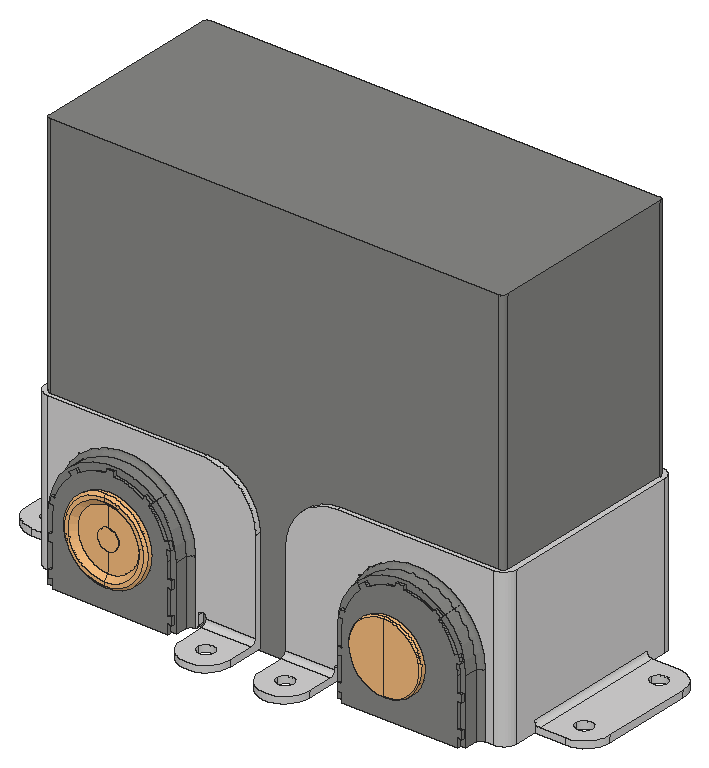
Revit family "Valve-One_Outlet_Thermostatic-KOHLER-K-26339T", category Plumbing Fixtures, host Face, Revit 2017 (continued)
Definition of nested family "K-26339T"
  Automatic sketch dimensions
    curve 144 to curve 145 = 0.11811"
    curve 109 to curve 110 = 0.11811"
    plane 11 to curve 30 = 0.61024"
    curve 131 to curve 94 = 0.32718"
    curve 118 to curve 118 = 0.04664"
    curve 128 to curve 126 = 0.04664"
    curve 72 to curve 71 = 0.04664"
    curve 60 to curve 62 = 0.04664"
    curve 125 to curve 124 = 0.05918"
    curve 68 to curve 67 = 0.05918"
    curve 93 to curve 206 = 0.84371"
    curve 205 to curve 207 = 0.38428"
    curve 206 to curve 201 = 0.47517"
    curve 207 to curve 202 = 0.47517"
    curve 202 to curve 202 = 1.1811"
    curve 201 to curve 203 = 1.1811"
    curve 158 to plane 8 = 0.37402"
    plane 4 to curve 158 = 0.94488"
    level to curve 38 = 0.01969"
    curve 38 to curve 81 = 0.32315"
    plane 3 "Center (Left/Right)" to curve 205 = 0.00149"
    plane 5 to curve 158 = 0.94488"
    level to curve 103 = 0.01969"
    curve 138 to curve 103 = 0.32315"
    curve 101 to curve 96 = 0.09839"
    curve 30 to curve 36 = 0.09843"
    level to curve 157 = 0.33465"
    level to curve 43 = 0.34445"
    curve 150 to curve 151 = 0.01969"
    curve 42 to curve 44 = 0.03942"
    curve 41 to curve 40 = 0.05704"
    curve 151 to curve 155 = 0.11308"
    curve 40 to curve 46 = 0.07881"
    curve 152 to curve 154 = 0.05913"
    Extrusion 1 sketch curve to plane 19 = 0.15748"  (x2)
    plane 4 to Extrusion 1 sketch curve = 0.94488"
    Extrusion 1 sketch curve to plane 19 = 0.07874"
    Extrusion 1 sketch curve to Extrusion 1 sketch curve = 0.07874"  (x2)
    plane 5 to Extrusion 1 sketch curve = 1.02362"
    plane 20 to Extrusion 1 sketch curve = 0.07874"
    plane 4 to Extrusion 2 sketch curve = 0.84646"
    level to Extrusion 2 sketch curve = 0.01969"  (x4)
    Extrusion 2 sketch curve to plane 17 = 0.54331"
    Extrusion 2 sketch curve to Extrusion 2 sketch curve = 0.05118"  (x2)
    Extrusion 2 sketch curve to Extrusion 2 sketch curve = 0.05906"  (x2)
    Extrusion 2 sketch curve to plane 17 = 0.41339"
    Extrusion 2 sketch curve to plane 3 "Center (Left/Right)" = 0.22638"
    plane 3 "Center (Left/Right)" to Extrusion 2 sketch curve = 0.22638"
    Extrusion 2 sketch curve to plane 18 = 0.37402"
    Extrusion 2 sketch curve to plane 18 = 0.41339"
    plane 5 to Extrusion 2 sketch curve = 0.84646"
    Extrusion 2 sketch curve to Extrusion 2 sketch curve = 0.14564"  (x2)
    plane 11 to Extrusion 2 sketch curve = 0.61024"
    Extrusion 2 sketch curve to Extrusion 2 sketch curve = 0"
    Sweep 3 sketch curve to profile plane = 0"  (x2)
    Sweep 3 sketch curve to profile plane = 0.19685"
    Sweep 4 sketch curve to profile plane = 0"  (x2)
    Sweep 4 sketch curve to profile plane = 0.19685"
    profile plane to Sweep 5 sketch curve = 0"
    Sweep 5 sketch curve to profile plane = 0"
    Sweep 5 sketch curve to profile plane = 0.19685"
    profile plane to Sweep 6 sketch curve = 0"
    Sweep 6 sketch curve to profile plane = 0"
    Sweep 6 sketch curve to profile plane = 0.19685"
    Extrusion 7 sketch curve to Extrusion 7 sketch curve = 0"  (x12)
    Extrusion 7 sketch curve to plane 4 = 0"
    Extrusion 7 sketch curve to plane 15 = 0"  (x2)
    plane 16 to Extrusion 7 sketch curve = 0"  (x2)
    Extrusion 7 sketch curve to plane 19 = 0"  (x2)
    Extrusion 7 sketch curve to plane 20 = 0"  (x2)
    Extrusion 7 sketch curve to plane 17 = 0"  (x2)
    Extrusion 7 sketch curve to plane 18 = 0"  (x2)
    Extrusion 7 sketch curve to plane 5 = 0"
    plane 4 to Extrusion 7 sketch curve = 0.37402"  (x2)
    Extrusion 7 sketch curve to Extrusion 7 sketch curve = 0.47244"
    Extrusion 7 sketch curve to plane 17 = 0.37401"  (x2)
    plane 3 "Center (Left/Right)" to Extrusion 7 sketch curve = 0.22639"  (x2)
    plane 15 to Extrusion 7 sketch curve = 0.35433"
    plane 5 to Extrusion 7 sketch curve = 0.84646"
    plane 5 to Extrusion 7 sketch curve = 0.37402"  (x2)
    plane 14 to Extrusion 7 sketch curve = 0.07874"  (x2)
    plane 16 to Extrusion 7 sketch curve = 0.35433"
    Extrusion 7 sketch curve to Extrusion 7 sketch curve = 0.35433"
    Extrusion 7 sketch curve to plane 15 = 0.01969"
    plane 13 to Extrusion 7 sketch curve = 0.07874"  (x2)
    level to Extrusion 8 sketch curve = 0.01969"  (x2)
    Extrusion 8 sketch curve to plane 10 "1" = 0.95968"
    plane 11 to Extrusion 8 sketch curve = 0.00264"
    plane 10 "1" to Extrusion 8 sketch curve = 0.01473"
    plane 11 to Extrusion 8 sketch curve = 0.00659"
    Extrusion 8 sketch curve to plane 18 = 0.62008"
    Extrusion 8 sketch curve to plane 9 "2" = 0.17717"
    Extrusion 9 sketch curve to Extrusion 9 sketch curve = 0"  (x66)
    Extrusion 9 sketch curve to level = 0"  (x2)
    Extrusion 9 sketch curve to plane 11 = 0"  (x3)
    Extrusion 9 sketch curve to plane 10 "1" = 0"
    plane 9 "2" to Extrusion 9 sketch curve = 0"
    Extrusion 9 sketch curve to plane 12 "A" = 0"
    Extrusion 9 sketch curve to plane 10 "1" = 0.04432"
    Extrusion 9 sketch curve to Extrusion 9 sketch curve = 0.43249"  (x3)
    Extrusion 9 sketch curve to Extrusion 9 sketch curve = 0.03644"  (x8)
    Extrusion 9 sketch curve to Extrusion 9 sketch curve = 0.09307"  (x4)
    plane 11 to Extrusion 9 sketch curve = 0.26874"  (x4)
    Extrusion 9 sketch curve to Extrusion 9 sketch curve = 0.24912"  (x3)
    plane 11 to Extrusion 9 sketch curve = 0.15414"  (x3)
    Extrusion 9 sketch curve to Extrusion 9 sketch curve = 0.02857"  (x4)
    Extrusion 9 sketch curve to Extrusion 9 sketch curve = 0.01367"
    plane 11 to Extrusion 9 sketch curve = 0.28306"  (x4)
    Extrusion 9 sketch curve to Extrusion 9 sketch curve = 0.05742"  (x3)
    Extrusion 9 sketch curve to Extrusion 9 sketch curve = 0.05906"  (x9)
    plane 10 "1" to Extrusion 9 sketch curve = 0.07379"
    Extrusion 9 sketch curve to plane 17 = 0.7185"
    plane 12 "A" to Extrusion 9 sketch curve = 0.1378"
    Extrusion 9 sketch curve to plane 18 = 0.65945"
    plane 11 to Extrusion 9 sketch curve = 0.16845"
    Extrusion 9 sketch curve to Extrusion 9 sketch curve = 0.0153"
    level to Extrusion 9 sketch curve = 1.13839"
    plane 9 "2" to Extrusion 9 sketch curve = 0.44389"
    Extrusion 9 sketch curve to plane 9 "2" = 0.11811"
    Extrusion 9 sketch curve to Extrusion 9 sketch curve = 0.11811"  (x9)
    Extrusion 9 sketch curve to Extrusion 9 sketch curve = 0.1378"  (x3)
    level to Extrusion 9 sketch curve = 0.1378"
    plane 12 "A" to Extrusion 9 sketch curve = 0.25591"  (x3)
    Extrusion 9 sketch curve to Extrusion 9 sketch curve = 0.04664"  (x4)
    Extrusion 9 sketch curve to Extrusion 9 sketch curve = 0.05918"  (x2)
    Revolve 10 sketch curve to plane 11 = 0"  (x3)
    Revolve 10 sketch curve to plane 14 = 0"
    Revolve 10 sketch curve to plane 13 = 0"
    Revolve 10 sketch curve to plane 13 = 0.07881"
    plane 11 to Revolve 10 sketch curve = 0.46454"  (x2)
    Revolve 10 sketch curve to plane 14 = 0.07881"
    Revolve 10 sketch curve to Revolve 10 sketch curve = 0.07881"  (x2)
    Revolve 10 sketch curve to Revolve 10 sketch curve = 0.05704"  (x2)
    Revolve 10 sketch curve to Revolve 10 sketch curve = 0.03942"
    Revolve 10 sketch curve to plane 19 = 0.07874"
    Revolve 10 sketch curve to Revolve 10 sketch curve = 0.17527"
    Revolve 10 sketch curve to plane 13 = 0.03942"
    plane 20 to Revolve 10 sketch curve = 0.07874"
    Revolve 10 sketch curve to plane 14 = 0.03942"
    plane 6 to Revolve 10 sketch curve = 0.19685"
    Revolve 10 sketch curve to Revolve 10 sketch curve = 0.07874"
    plane 12 "A" to Revolve 11 sketch curve = 0"  (x3)
    Revolve 11 sketch curve to plane 13 = 0.01969"
    Revolve 11 sketch curve to plane 14 = 0.01969"
    plane 11 to Revolve 11 sketch curve = 0.43307"
    Revolve 11 sketch curve to plane 14 = 0.04488"
    Revolve 11 sketch curve to Revolve 11 sketch curve = 0.01969"  (x2)
    Revolve 11 sketch curve to Revolve 11 sketch curve = 0.0252"
    plane 19 to Revolve 11 sketch curve = 0.01969"
    Revolve 11 sketch curve to plane 20 = 0.01969"
    Revolve 11 sketch curve to Revolve 11 sketch curve = 0.07382"
    Revolve 11 sketch curve to Revolve 11 sketch curve = 0"
    Sweep 12 sketch curve to profile plane = 0"
    profile plane to Sweep 12 sketch curve = 0"
    profile plane to Sweep 12 sketch curve = 0.07874"
    profile plane to Sweep 13 sketch curve = 0"
    Sweep 13 sketch curve to profile plane = 0"
    Sweep 13 sketch curve to Sweep 13 sketch curve = 0.07874"
    Sweep 14 sketch curve to profile plane = 0"
    profile plane to Sweep 14 sketch curve = 0"
    profile plane to Sweep 14 sketch curve = 0.07874"
    profile plane to Sweep 15 sketch curve = 0"
    Sweep 15 sketch curve to profile plane = 0"
    Sweep 15 sketch curve to Sweep 15 sketch curve = 0.07874"
    plane 20 to Extrusion 16 sketch curve = 0.15748"
    plane 4 to Extrusion 16 sketch curve = 0.94488"
    Extrusion 16 sketch curve to Extrusion 16 sketch curve = 0.07874"  (x2)
    plane 20 to Extrusion 16 sketch curve = 0.07874"
    Extrusion 16 sketch curve to plane 19 = 0.07874"
    plane 5 to Extrusion 16 sketch curve = 1.02362"  (x2)
    level to Extrusion 17 sketch curve = 0.11811"  (x2)
    plane 4 to Extrusion 17 sketch curve = 0.76772"
    Extrusion 17 sketch curve to Extrusion 17 sketch curve = 0.07874"  (x2)
    plane 5 to Extrusion 17 sketch curve = 0.84646"
    Extrusion 18 sketch curve to plane 20 = 0"
    Extrusion 18 sketch curve to plane 19 = 0"
    Extrusion 18 sketch curve to plane 20 = 0.07874"
    Extrusion 18 sketch curve to Extrusion 18 sketch curve = 0.07874"
    level to Extrusion 18 sketch curve = 0.11811"  (x2)
    Extrusion 19 sketch curve to plane 20 = 0"
    Extrusion 19 sketch curve to plane 19 = 0"
    Extrusion 19 sketch curve to plane 20 = 0.07874"
    Extrusion 19 sketch curve to Extrusion 19 sketch curve = 0.07874"
    level to Extrusion 19 sketch curve = 0.11811"  (x2)
    Masking region 1 sketch curve to plane 20 = 0"
    Masking region 1 sketch curve to plane 19 = 0"
    plane 20 to Masking region 1 sketch curve = 0.19685"
    Masking region 1 sketch curve to Masking region 1 sketch curve = 0.19685"  (x2)
    Masking region 1 sketch curve to plane 19 = 0.19685"
    Masking region 2 sketch curve to plane 4 = 0"
    Masking region 2 sketch curve to level = 0"
    Masking region 2 sketch curve to plane 8 = 0"
    plane 5 to Masking region 2 sketch curve = 0"
    level to Masking region 2 sketch curve = 0.11811"  (x2)
    plane 4 to Masking region 2 sketch curve = 0.76772"
    plane 4 to Masking region 2 sketch curve = 0.84646"
    level to Masking region 2 sketch curve = 0.01969"  (x2)
    Masking region 2 sketch curve to Masking region 2 sketch curve = 0.15104"
    Masking region 2 sketch curve to Masking region 2 sketch curve = 0.02612"  (x2)
    plane 4 to Masking region 2 sketch curve = 0.94488"
    plane 5 to Masking region 2 sketch curve = 0.94488"  (x2)
    Masking region 2 sketch curve to Masking region 2 sketch curve = 0.0723"
    Masking region 2 sketch curve to Masking region 2 sketch curve = 0.07874"
    plane 11 to Masking region 2 sketch curve = 1.39764"  (x2)
    Masking region 3 sketch curve to plane 8 = 0"
    Masking region 3 sketch curve to plane 19 = 0"
    Masking region 3 sketch curve to plane 20 = 0"
    Masking region 3 sketch curve to plane 13 = 0"
    Masking region 3 sketch curve to plane 14 = 0"
    Masking region 3 sketch curve to plane 6 = 0"
    Masking region 3 sketch curve to plane 7 = 0"
    Masking region 3 sketch curve to level = 0"
    plane 11 to Masking region 3 sketch curve = 1.39764"  (x2)
    plane 20 to Masking region 3 sketch curve = 0.07874"
    Masking region 3 sketch curve to Masking region 3 sketch curve = 0.33789"  (x2)
    Masking region 3 sketch curve to Masking region 3 sketch curve = 0.07874"  (x3)
    Masking region 3 sketch curve to Masking region 3 sketch curve = 0.04783"  (x2)
    Masking region 3 sketch curve to plane 13 = 0.05906"
    Masking region 3 sketch curve to Masking region 3 sketch curve = 0.27373"
    Masking region 3 sketch curve to plane 14 = 0.09843"
    Masking region 3 sketch curve to Masking region 3 sketch curve = 0.29337"
    Masking region 3 sketch curve to Masking region 3 sketch curve = 0.05906"
    Masking region 3 sketch curve to Masking region 3 sketch curve = 0.03942"
    level to Masking region 3 sketch curve = 0.38387"  (x2)
    Masking region 3 sketch curve to plane 13 = 0.01969"
    Masking region 3 sketch curve to Masking region 3 sketch curve = 0.02954"
    Masking region 3 sketch curve to plane 14 = 0.04488"
    Masking region 3 sketch curve to Masking region 3 sketch curve = 0.04922"
    Masking region 3 sketch curve to Masking region 3 sketch curve = 0.03076"
    Masking region 3 sketch curve to Masking region 3 sketch curve = 0.11811"
    level to Masking region 3 sketch curve = 0.11811"
    level to Masking region 3 sketch curve = 0.01969"  (x2)
    Masking region 3 sketch curve to plane 13 = 0.03293"
    Masking region 3 sketch curve to Masking region 3 sketch curve = 0.02612"  (x2)
    Masking region 3 sketch curve to Masking region 3 sketch curve = 0.03937"  (x2)
    Masking region 3 sketch curve to plane 19 = 0.07874"
    Masking region 3 sketch curve to Masking region 3 sketch curve = 0.05354"
    Masking region 3 sketch curve to plane 14 = 0.05906"
    Masking region 3 sketch curve to plane 14 = 0.03942"
    curve 182 to plane 20 = 0"
    curve 159 to plane 19 = 0"
    curve 179 to plane 13 = 0"
    curve 198 to plane 14 = 0"
    curve 166 to plane 1 "Center (Front/Back)" = 0"
    curve 167 to level = 0"
    curve 165 to level = 0"
    curve 184 to level = 0"
    curve 186 to level = 0"
    level to curve 185 = 0.01969"
    curve 198 to plane 14 = 0.03942"
    curve 198 to curve 183 = 0.32476"
    plane 11 to curve 163 = 1.39764"
    curve 166 to plane 13 = 0.1378"
    curve 185 to plane 14 = 0.1378"
    level to curve 199 = 0.01969"
    curve 181 to curve 165 = 0.01969"
    curve 161 to curve 162 = 0.09843"
    curve 187 to curve 199 = 0.11811"
    curve 168 to plane 13 = 0.05906"
    curve 168 to curve 181 = 0.11811"
    curve 200 to curve 188 = 0.08854"
    curve 169 to curve 168 = 0.11811"
    curve 178 to plane 13 = 0.03942"
    curve 178 to curve 169 = 0.083"
    curve 179 to curve 178 = 0.00554"
    curve 198 to curve 197 = 0.03942"
    curve 179 to curve 179 = 0.03942"
    curve 170 to curve 179 = 0.24605"
    curve 189 to plane 14 = 0.09843"
    plane 12 "A" to curve 189 = 0.25591"
    curve 190 to curve 189 = 0.11811"
    curve 171 to curve 170 = 0.11811"
    plane 11 to curve 191 = 0.15414"
    plane 11 to curve 172 = 0.15414"
    curve 192 to curve 191 = 0.01432"
    curve 173 to curve 172 = 0.01432"
    curve 174 to curve 173 = 0.1146"
    curve 193 to curve 192 = 0.1146"
    curve 197 to curve 193 = 0.35675"
    curve 178 to curve 174 = 0.35675"
    curve 175 to curve 178 = 0.01255"
    curve 194 to curve 197 = 0.01255"
    curve 195 to curve 194 = 0.04664"
    curve 176 to curve 175 = 0.04664"
    curve 177 to curve 176 = 0.07272"
    curve 196 to curve 195 = 0.07272"
    curve 184 to curve 196 = 0.16146"
    curve 165 to curve 177 = 0.16146"
    curve 164 to curve 165 = 0.04783"
    curve 183 to curve 184 = 0.04783"
    curve 180 to plane 19 = 0.07874"
    curve 180 to plane 8 = 0.26084"
    plane 13 to curve 181 = 0.12123"
    curve 167 to plane 19 = 0.05063"
    curve 167 to curve 167 = 0.02811"
    plane 15 to curve 160 = 0.35433"
    plane 16 to curve 162 = 0.35433"
    plane 20 to curve 186 = 0.07874"
    plane 20 to curve 180 = 0.07874"
    curve 186 to curve 186 = 0.02811"
    plane 14 to curve 199 = 0.12123"
    Extrusion 20 sketch curve to plane 19 = 0.07874"
    plane 4 to Extrusion 20 sketch curve = 0.94488"
    plane 20 to Extrusion 20 sketch curve = 0.07874"
    plane 5 to Extrusion 20 sketch curve = 0.94488"
    Extrusion 21 sketch curve to level = 0"  (x2)
    Extrusion 21 sketch curve to plane 10 "1" = 0.86125"
    plane 11 to Extrusion 21 sketch curve = 0.00545"  (x2)
    plane 10 "1" to Extrusion 21 sketch curve = 0.01473"
    plane 9 "2" to Extrusion 21 sketch curve = 0.69882"
    Extrusion 21 sketch curve to plane 9 "2" = 0.17717"
    Extrusion 22 sketch curve to plane 20 = 0"  (x2)
    Extrusion 22 sketch curve to plane 19 = 0"  (x2)
    plane 4 to Extrusion 22 sketch curve = 0.84646"
    Extrusion 22 sketch curve to Extrusion 22 sketch curve = 0.09843"  (x2)
    Extrusion 22 sketch curve to plane 19 = 0.07874"  (x2)
    Extrusion 22 sketch curve to plane 3 "Center (Left/Right)" = 0.22638"  (x2)
    plane 3 "Center (Left/Right)" to Extrusion 22 sketch curve = 0.22638"  (x2)
    plane 5 to Extrusion 22 sketch curve = 0.94488"
    plane 20 to Extrusion 22 sketch curve = 0.07874"  (x2)
    Extrusion 23 sketch curve to Extrusion 23 sketch curve = 0"  (x16)
    Extrusion 23 sketch curve to plane 4 = 0"
    plane 16 to Extrusion 23 sketch curve = 0"  (x2)
    Extrusion 23 sketch curve to plane 15 = 0"  (x2)
    Extrusion 23 sketch curve to plane 6 = 0"  (x2)
    Extrusion 23 sketch curve to plane 19 = 0"  (x2)
    Extrusion 23 sketch curve to plane 20 = 0"  (x2)
    plane 7 to Extrusion 23 sketch curve = 0"  (x2)
    Extrusion 23 sketch curve to plane 17 = 0"  (x2)
    Extrusion 23 sketch curve to plane 18 = 0"  (x2)
    Extrusion 23 sketch curve to plane 5 = 0"
    plane 4 to Extrusion 23 sketch curve = 0.37402"  (x2)
    Extrusion 23 sketch curve to Extrusion 23 sketch curve = 0.47244"
    Extrusion 23 sketch curve to plane 17 = 0.37402"  (x2)
    Extrusion 23 sketch curve to plane 3 "Center (Left/Right)" = 0.22638"  (x2)
    plane 3 "Center (Left/Right)" to Extrusion 23 sketch curve = 0.22638"  (x2)
    Extrusion 23 sketch curve to plane 18 = 0.37401"  (x2)
    plane 16 to Extrusion 23 sketch curve = 0.35433"  (x2)
    Extrusion 23 sketch curve to Extrusion 23 sketch curve = 0.84646"
    plane 5 to Extrusion 23 sketch curve = 0.37402"  (x2)
    plane 14 to Extrusion 23 sketch curve = 0.07874"  (x2)
    plane 15 to Extrusion 23 sketch curve = 0.35433"  (x2)
    plane 13 to Extrusion 23 sketch curve = 0.07874"  (x2)
    Extrusion 23 sketch curve to Extrusion 23 sketch curve = 0.12598"  (x5)
    Extrusion 23 sketch curve to plane 17 = 0.12598"
    plane 18 to Extrusion 23 sketch curve = 0.12598"  (x2)
    Extrusion 24 sketch curve to plane 10 "1" = 0"
    Extrusion 24 sketch curve to plane 11 = 0"
    Extrusion 25 sketch curve to plane 10 "1" = 0"
    plane 9 "2" to Extrusion 25 sketch curve = 0"
    Extrusion 25 sketch curve to plane 12 "A" = 0"
    Extrusion 25 sketch curve to plane 11 = 0"
    Revolve 26 sketch curve to curve 208 = 0"
    Revolve 26 sketch curve to Revolve 26 sketch curve = 0.08362"
    curve 208 to Revolve 26 sketch curve = 0.11811"
    Revolve 26 sketch curve to Revolve 26 sketch curve = 0.26581"
    plane 11 to Revolve 11 sketch curve = 0.45276"
    Masking region 1 sketch curve to Masking region 1 sketch curve = 1.32741"
    plane 3 "Center (Left/Right)" to Masking region 1 sketch curve = 0.06398"
    Masking region 1 sketch curve to Masking region 1 sketch curve = 1.31416"
    plane 4 to Masking region 1 sketch curve = 0.84646"
    plane 5 to Masking region 1 sketch curve = 1.04331"
    curve 23 to plane 19 = 0"
    curve 24 to plane 19 = 0"
    curve 26 to plane 20 = 0"
    plane 20 to curve 19 = 0.15748"
    plane 4 to curve 19 = 0.94488"
    plane 20 to curve 20 = 0.07874"
    curve 18 to curve 18 = 0.07874"
    plane 5 to curve 20 = 1.02362"
    curve 17 to plane 19 = 0.07874"
    plane 5 to curve 17 = 1.02362"
    curve 22 to curve 21 = 0.07874"
    curve 27 to curve 18 = 0.09843"
    curve 18 to curve 23 = 0.01969"
    curve 23 to plane 3 "Center (Left/Right)" = 0.22638"
    plane 3 "Center (Left/Right)" to curve 24 = 0.22638"
    plane 3 "Center (Left/Right)" to curve 26 = 0.22638"
    curve 26 to curve 210 = 0.01969"
    curve 24 to curve 22 = 0.01969"
    curve 22 to curve 25 = 0.09843"
    curve 19 to curve 27 = 0.03937"
    curve 21 to curve 25 = 0.03937"
    curve 27 to curve 18 = 0.03937"
    curve 25 to curve 22 = 0.03937"
    curve 208 to plane 9 "2" = 0"
    radius of Extrusion 7 sketch curve = 0.12598"  (x8)
    radius of Extrusion 9 sketch curve = 0.54335"
    radius of Extrusion 9 sketch curve = 0.41841"
    radius of Extrusion 24 sketch curve = 0.15748"
    radius of Extrusion 25 sketch curve = 0.63981"
    radius of Extrusion 25 sketch curve = 0.55118"
